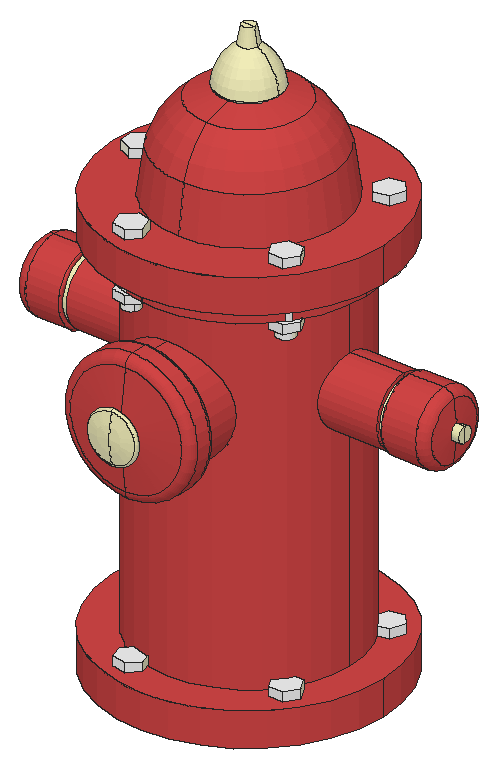
Revit family "Fire-Hydrant", category Specialty Equipment, Revit 2026
Family settings
  Round Connector Dimension = Use Diameter
  Part Type = Normal
  Classification Number = 23.65.70.17.11.11
  Work Plane-Based = No
  Enable Cutting in Views = No
  Always vertical = Yes
  Cut with Voids When Loaded = No
  Maintain Annotation Orientation = No
  Shared = No
  Room Calculation Point = No
Parameters
  piperad = Main Diameter / 2  # 0' - 4"
  Warranty Duration (Years) = 5
  Type Comments = ""
  Test Data = ""
  Specification = "http://www.arcat.com/divs/sec/sec13900.shtml"
  Sales Information = ""
  Pumper Nozzle Diameter = 0' - 4 1/2"
  Product Properties = "http://www.arcat.com/bim/bim_info.pl?fn=Fire-Hydrant"
  Product Data = "http://www.arcat.com/divs/sec/sec13900.shtml"
  Pressure (PSI) = 250
  Placement Elevation [instance] = 2' - 0"
  Model = "Generic"  # constant formula
  Manufacturer Website = "http://www.arcat.com/"
  Manufacturer Phone - Toll Free = ""
  Manufacturer Phone = "(203) 929-9444"  # constant formula
  Manufacturer Fax = "(203) 939-2444"  # constant formula
  Manufacturer Email = "bim@arcat.com"  # constant formula
  Manufacturer Address = "1077 Bridgeport Ave, Shelton, CT  06484"  # constant formula
  Manufacturer = "Generic"  # constant formula
  Maintenance Schedule (Months) = 6
  Main Diameter = 0' - 8"
  Keynote = "13900"
  Installation_Fabricaton = ""
  Installation Phase = ""
  Hose Connection Diameter = 0' - 2 1/2"
  Green Building-LEED = "http://www.arcat.com/green/green_building.shtml"
  Expected Lifespan (Years) = 30
  Drawn By = "Robert S. Weygant. CSI, CDT, SCIP"  # constant formula
  Description = "Fire  Hydrant"
  Default Elevation = 0' - 0"
  Copyright = "2008, ARCAT, Inc."  # constant formula
  Construction Details = "http://www.arcat.com/divs/sec/sec13900.shtml"
  Connection Type = "National Standard Pumper"
  Case Material = ARCAT - Metal - Cast Iron, Painted
  Building Codes = ""
  Bolt Material = ARCAT - Metal - Steel, Chrome Plated
  Assembly Code = "D4020300"
  Accent Material = ARCAT - Metal - Brass
Reference planes (in)
  plane 1 "Center (Front/Back)": y = 2.04047
  plane 2: z = 0
  plane 3 "Center (Left/Right)": x = 3.12517
  plane 4 "Connection Level": z = 24
  plane 5: y = 2.04047
  plane 6: through (1.42558, 7.27128, 72) normal (-0.9511, -0.309, 0)
  plane 7: through (1.42558, -3.19034, 72) normal (0.9511, -0.309, 0)
  plane 8: through (7.57476, -1.19235, 72) normal (0.5878, 0.809, 0)
  plane 9: through (7.57476, 5.27329, 72) normal (-0.5878, 0.809, 0)
  plane 10: through (1.40961, 7.53196, 69) normal (-0.9205, -0.3907, 0)
  plane 11: through (7.81775, 5.36903, 69) normal (-0.6561, 0.7547, 0)
  plane 12: through (-2.62768, 2.10583, 69) normal (0.0872, -0.9962, 0)
  plane 13: through (1.28527, -3.41062, 69) normal (0.9744, -0.225, 0)
  plane 14: through (7.7409, -1.39386, 69) normal (0.515, 0.8572, 0)
  plane 15: y = 2.04047
  plane 16: through (1.42558, 7.27128, 95) normal (-0.9511, -0.309, 0)
  plane 17: through (1.42558, -3.19034, 95) normal (0.9511, -0.309, 0)
  plane 18: through (7.57476, -1.19235, 95) normal (0.5878, 0.809, 0)
  plane 19: through (7.57476, 5.27329, 95) normal (-0.5878, 0.809, 0)
  plane 20: y = 2.04047
  plane 21: through (1.42558, 7.27128, 91.5) normal (-0.9511, -0.309, 0)
  plane 22: through (1.42558, -3.19034, 91.5) normal (0.9511, -0.309, 0)
  plane 23: through (7.57476, -1.19235, 91.5) normal (0.5878, 0.809, 0)
  plane 24: through (7.57476, 5.27329, 91.5) normal (-0.5878, 0.809, 0)
  plane 25: y = -8.00389
Forms (in)
  Extrusion 1, solid, material "ARCAT - Metal - Cast Iron, Painted" <- "Case Material"
    sketch origin (3.12517, 2.04047, 24) x (1, 0, 0) y (0, 1, 0)
      loop
        circle (0, 0) r 8
      loop
        circle (0, 0) r 4
    from 0 to 2
  Extrusion 2, solid, material "ARCAT - Metal - Cast Iron, Painted" <- "Case Material"
    sketch origin (3.12517, 2.04047, 24) x (1, 0, 0) y (0, 1, 0)
      loop
        circle (0, 0) r 6
      loop
        circle (0, 0) r 4
    from 2 to 22
  Extrusion 3, solid, material "ARCAT - Metal - Steel, Chrome Plated" <- "Bolt Material"
    sketch origin (3.62517, 2.04047, 24) x (1, 0, 0) y (0, 1, 0)
      loop
        line (-7.07548, 0.86273) -> (-7.78489, 0.366) -> (-7.70941, -0.49673) -> (-6.92452, -0.86273) -> (-6.21511, -0.366) -> (-6.29059, 0.49673) -> (-7.07548, 0.86273)
    from 2 to 2.5
  Extrusion 4, solid, material "ARCAT - Metal - Steel, Chrome Plated" <- "Bolt Material"
    sketch origin (3.27968, 1.56494, 24) x (0.309017, -0.951057, 0) y (0.951057, 0.309017, 0)
      loop
        line (-7.07548, 0.86273) -> (-7.78489, 0.366) -> (-7.70941, -0.49673) -> (-6.92452, -0.86273) -> (-6.21511, -0.366) -> (-6.29059, 0.49673) -> (-7.07548, 0.86273)
    from 2 to 2.5
  Extrusion 5, solid, material "ARCAT - Metal - Steel, Chrome Plated" <- "Bolt Material"
    sketch origin (3.27968, 2.51599, 24) x (0.309017, 0.951057, 0) y (-0.951057, 0.309017, 0)
      loop
        line (-7.07548, 0.86273) -> (-7.78489, 0.366) -> (-7.70941, -0.49673) -> (-6.92452, -0.86273) -> (-6.21511, -0.366) -> (-6.29059, 0.49673) -> (-7.07548, 0.86273)
    from 2 to 2.5
  Extrusion 6, solid, material "ARCAT - Metal - Steel, Chrome Plated" <- "Bolt Material"
    sketch origin (2.72066, 2.33436, 24) x (-0.809017, 0.587785, 0) y (-0.587785, -0.809017, 0)
      loop
        line (-7.07548, 0.86273) -> (-7.78489, 0.366) -> (-7.70941, -0.49673) -> (-6.92452, -0.86273) -> (-6.21511, -0.366) -> (-6.29059, 0.49673) -> (-7.07548, 0.86273)
    from 2 to 2.5
  Extrusion 7, solid, material "ARCAT - Metal - Steel, Chrome Plated" <- "Bolt Material"
    sketch origin (2.72066, 1.74657, 24) x (-0.809017, -0.587785, 0) y (0.587785, -0.809017, 0)
      loop
        line (-7.07548, 0.86273) -> (-7.78489, 0.366) -> (-7.70941, -0.49673) -> (-6.92452, -0.86273) -> (-6.21511, -0.366) -> (-6.29059, 0.49673) -> (-7.07548, 0.86273)
    from 2 to 2.5
  Extrusion 8, solid, material "ARCAT - Metal - Cast Iron, Painted" <- "Case Material"
    sketch origin (3.12517, 2.04047, 22) x (1, 0, 0) y (0, 1, 0)
      loop
        circle (0, 0) r 7
    from 24 to 25
  Extrusion 9, solid, material "ARCAT - Metal - Cast Iron, Painted" <- "Case Material"
    sketch origin (3.12517, 2.04047, 47) x (1, 0, 0) y (0, 1, 0)
      loop
        circle (0, 0) r 8
    from 0 to 2
  Extrusion 10, solid, material "ARCAT - Metal - Steel, Chrome Plated" <- "Bolt Material"
    sketch origin (3.12517, 2.04047, 21) x (1, 0, 0) y (0, 1, 0)
      loop
        circle (-2.00861, 6.18187) r 0.5
    from 24 to 28
  Extrusion 11, solid, material "ARCAT - Metal - Steel, Chrome Plated" <- "Bolt Material"
    sketch origin (3.12517, 2.04047, 21) x (0.309017, -0.951057, 0) y (0.951057, 0.309017, 0)
      loop
        circle (-2.00861, 6.18187) r 0.5
    from 24 to 28
  Extrusion 12, solid, material "ARCAT - Metal - Steel, Chrome Plated" <- "Bolt Material"
    sketch origin (3.12517, 2.04047, 21) x (0.309017, 0.951057, 0) y (-0.951057, 0.309017, 0)
      loop
        circle (-2.00861, 6.18187) r 0.5
    from 24 to 28
  Extrusion 13, solid, material "ARCAT - Metal - Steel, Chrome Plated" <- "Bolt Material"
    sketch origin (3.12517, 2.04047, 21) x (-0.809017, 0.587785, 0) y (-0.587785, -0.809017, 0)
      loop
        circle (-2.00861, 6.18187) r 0.5
    from 24 to 28
  Extrusion 14, solid, material "ARCAT - Metal - Steel, Chrome Plated" <- "Bolt Material"
    sketch origin (3.12517, 2.04047, 21) x (-0.809017, -0.587785, 0) y (0.587785, -0.809017, 0)
      loop
        circle (-2.00861, 6.18187) r 0.5
    from 24 to 28
  Extrusion 15, solid, material "ARCAT - Metal - Steel, Chrome Plated" <- "Bolt Material"
    sketch origin (3.62517, 2.04047, 47) x (1, 0, 0) y (0, 1, 0)
      loop
        line (-7.07548, 0.86273) -> (-7.78489, 0.366) -> (-7.70941, -0.49673) -> (-6.92452, -0.86273) -> (-6.21511, -0.366) -> (-6.29059, 0.49673) -> (-7.07548, 0.86273)
    from 2 to 2.5
  Extrusion 16, solid, material "ARCAT - Metal - Steel, Chrome Plated" <- "Bolt Material"
    sketch origin (3.27968, 1.56494, 47) x (0.309017, -0.951057, 0) y (0.951057, 0.309017, 0)
      loop
        line (-7.07548, 0.86273) -> (-7.78489, 0.366) -> (-7.70941, -0.49673) -> (-6.92452, -0.86273) -> (-6.21511, -0.366) -> (-6.29059, 0.49673) -> (-7.07548, 0.86273)
    from 2 to 2.5
  Extrusion 17, solid, material "ARCAT - Metal - Steel, Chrome Plated" <- "Bolt Material"
    sketch origin (3.27968, 2.51599, 47) x (0.309017, 0.951057, 0) y (-0.951057, 0.309017, 0)
      loop
        line (-7.07548, 0.86273) -> (-7.78489, 0.366) -> (-7.70941, -0.49673) -> (-6.92452, -0.86273) -> (-6.21511, -0.366) -> (-6.29059, 0.49673) -> (-7.07548, 0.86273)
    from 2 to 2.5
  Extrusion 18, solid, material "ARCAT - Metal - Steel, Chrome Plated" <- "Bolt Material"
    sketch origin (2.72066, 2.33436, 47) x (-0.809017, 0.587785, 0) y (-0.587785, -0.809017, 0)
      loop
        line (-7.07548, 0.86273) -> (-7.78489, 0.366) -> (-7.70941, -0.49673) -> (-6.92452, -0.86273) -> (-6.21511, -0.366) -> (-6.29059, 0.49673) -> (-7.07548, 0.86273)
    from 2 to 2.5
  Extrusion 19, solid, material "ARCAT - Metal - Steel, Chrome Plated" <- "Bolt Material"
    sketch origin (2.72066, 1.74657, 47) x (-0.809017, -0.587785, 0) y (0.587785, -0.809017, 0)
      loop
        line (-7.07548, 0.86273) -> (-7.78489, 0.366) -> (-7.70941, -0.49673) -> (-6.92452, -0.86273) -> (-6.21511, -0.366) -> (-6.29059, 0.49673) -> (-7.07548, 0.86273)
    from 2 to 2.5
  Extrusion 20, solid, material "ARCAT - Metal - Steel, Chrome Plated" <- "Bolt Material"
    sketch origin (3.62517, 2.04047, 43.5) x (1, 0, 0) y (0, 1, 0)
      loop
        line (-7.07548, 0.86273) -> (-7.78489, 0.366) -> (-7.70941, -0.49673) -> (-6.92452, -0.86273) -> (-6.21511, -0.366) -> (-6.29059, 0.49673) -> (-7.07548, 0.86273)
    from 2 to 2.5
  Extrusion 21, solid, material "ARCAT - Metal - Steel, Chrome Plated" <- "Bolt Material"
    sketch origin (3.27968, 1.56494, 43.5) x (0.309017, -0.951057, 0) y (0.951057, 0.309017, 0)
      loop
        line (-7.07548, 0.86273) -> (-7.78489, 0.366) -> (-7.70941, -0.49673) -> (-6.92452, -0.86273) -> (-6.21511, -0.366) -> (-6.29059, 0.49673) -> (-7.07548, 0.86273)
    from 2 to 2.5
  Extrusion 22, solid, material "ARCAT - Metal - Steel, Chrome Plated" <- "Bolt Material"
    sketch origin (3.27968, 2.51599, 43.5) x (0.309017, 0.951057, 0) y (-0.951057, 0.309017, 0)
      loop
        line (-7.07548, 0.86273) -> (-7.78489, 0.366) -> (-7.70941, -0.49673) -> (-6.92452, -0.86273) -> (-6.21511, -0.366) -> (-6.29059, 0.49673) -> (-7.07548, 0.86273)
    from 2 to 2.5
  Extrusion 23, solid, material "ARCAT - Metal - Steel, Chrome Plated" <- "Bolt Material"
    sketch origin (2.72066, 2.33436, 43.5) x (-0.809017, 0.587785, 0) y (-0.587785, -0.809017, 0)
      loop
        line (-7.07548, 0.86273) -> (-7.78489, 0.366) -> (-7.70941, -0.49673) -> (-6.92452, -0.86273) -> (-6.21511, -0.366) -> (-6.29059, 0.49673) -> (-7.07548, 0.86273)
    from 2 to 2.5
  Extrusion 24, solid, material "ARCAT - Metal - Steel, Chrome Plated" <- "Bolt Material"
    sketch origin (2.72066, 1.74657, 43.5) x (-0.809017, -0.587785, 0) y (0.587785, -0.809017, 0)
      loop
        line (-7.07548, 0.86273) -> (-7.78489, 0.366) -> (-7.70941, -0.49673) -> (-6.92452, -0.86273) -> (-6.21511, -0.366) -> (-6.29059, 0.49673) -> (-7.07548, 0.86273)
    from 2 to 2.5
  Revolve 25, solid, material "ARCAT - Metal - Cast Iron, Painted" <- "Case Material"
    sketch origin (3.12517, 2.04047, 24) x (0, 1, 0) y (0, 0, 1)
      loop
        line (0, 25) -> (5.2168, 25) -> (4.84483, 27.64672)
        arc (4.84483, 27.64672) -> (4.1694, 29.00494) -> (3.1241, 30.10418) r 5.0959
        line (3.1241, 30.10418) -> (0, 31) -> (0, 25)
      axis (0, 25) -> (0, 31)
    angle from 0 to 360
  Revolve 26, solid, material "ARCAT - Metal - Brass" <- "Accent Material"
    sketch origin (3.12517, 2.04047, 24) x (1, 0, 0) y (0, 0, 1)
      loop
        line (0, 31.75) -> (0, 33.96137) -> (-0.36809, 33.96137) -> (-0.54173, 32.97656)
        arc (-0.54173, 32.97656) -> (-1.4087, 32.03373) -> (-1.79173, 30.8115) r 2.93584
        arc (-1.79173, 30.8115) -> (-1.54173, 30.67284) -> (-1.29173, 30.8115) r 0.29471
        arc (-1.29173, 30.8115) -> (-0.7372, 31.40646) -> (0, 31.75) r 2.12858
      axis (0, 30.8115) -> (0, 33.96137)
    angle from 0 to 360
  Revolve 27, solid, material "ARCAT - Metal - Cast Iron, Painted" <- "Case Material"
    sketch origin (3.12517, 2.04047, 24) x (1, 0, 0) y (0, 0, 1)
      loop
        line (5.43947, 16.65665) -> (5.43947, 14.65665) -> (9.18947, 14.65665) -> (9.18947, 16.65665) -> (5.43947, 16.65665)
      axis (5.43947, 16.65665) -> (9.18947, 16.65665)
    angle from 0 to 360
  Revolve 28, solid, material "ARCAT - Metal - Brass" <- "Accent Material"
    sketch origin (3.12517, 2.04047, 24) x (1, 0, 0) y (0, 0, 1)
      loop
        line (9.18947, 16.65665) -> (9.68947, 16.65665) -> (9.68947, 18.49259) -> (9.18947, 18.49259) -> (9.18947, 16.65665)
      axis (9.68947, 16.65665) -> (9.18947, 16.65665)
    angle from 0 to 360
  Revolve 29, solid, material "ARCAT - Metal - Cast Iron, Painted" <- "Case Material"
    sketch origin (3.12517, 2.04047, 24) x (1, 0, 0) y (0, 0, 1)
      loop
        line (9.68947, 16.65665) -> (9.68947, 14.78166) -> (9.56258, 14.74766)
        arc (9.56258, 14.74766) -> (9.48355, 14.64466) -> (9.56258, 14.54167) r 0.10663
        line (9.56258, 14.54167) -> (11.56258, 14.54167)
        arc (11.56258, 14.54167) -> (11.93758, 14.65991) -> (12.17695, 14.97185) r 0.65379
        line (12.17695, 14.97185) -> (12.30761, 16.215) -> (12.80761, 16.215) -> (12.80761, 16.65665) -> (9.68947, 16.65665)
      axis (12.80761, 16.65665) -> (9.56258, 16.65665)
    angle from 0 to 360
  Revolve 30, solid, material "ARCAT - Metal - Cast Iron, Painted" <- "Case Material"
    sketch origin (3.12517, 2.04047, 24) x (-1, 0, 0) y (0, 0, 1)
      loop
        line (5.43947, 16.65665) -> (5.43947, 14.65665) -> (9.18947, 14.65665) -> (9.18947, 16.65665) -> (5.43947, 16.65665)
      axis (5.43947, 16.65665) -> (9.18947, 16.65665)
    angle from 0 to 360
  Revolve 31, solid, material "ARCAT - Metal - Brass" <- "Accent Material"
    sketch origin (3.12517, 2.04047, 24) x (-1, 0, 0) y (0, 0, 1)
      loop
        line (9.18947, 16.65665) -> (9.68947, 16.65665) -> (9.68947, 18.49259) -> (9.18947, 18.49259) -> (9.18947, 16.65665)
      axis (9.68947, 16.65665) -> (9.18947, 16.65665)
    angle from 0 to 360
  Revolve 32, solid, material "ARCAT - Metal - Cast Iron, Painted" <- "Case Material"
    sketch origin (3.12517, 2.04047, 24) x (-1, 0, 0) y (0, 0, 1)
      loop
        line (9.68947, 16.65665) -> (9.68947, 14.78166) -> (9.56258, 14.74766)
        arc (9.56258, 14.74766) -> (9.48355, 14.64466) -> (9.56258, 14.54167) r 0.10663
        line (9.56258, 14.54167) -> (11.56258, 14.54167)
        arc (11.56258, 14.54167) -> (11.93758, 14.65991) -> (12.17695, 14.97185) r 0.65379
        line (12.17695, 14.97185) -> (12.30761, 16.215) -> (12.80761, 16.215) -> (12.80761, 16.65665) -> (9.68947, 16.65665)
      axis (12.80761, 16.65665) -> (9.56258, 16.65665)
    angle from 0 to 360
  Revolve 33, solid, material "ARCAT - Metal - Cast Iron, Painted" <- "Case Material"
    sketch origin (3.12517, 2.04047, 24) x (0, 1, 0) y (0, 0, 1)
      loop
        line (-3.07005, 16.52619) -> (-3.07005, 19.77619) -> (-8.07005, 19.77619) -> (-8.07005, 16.52619) -> (-3.07005, 16.52619)
      axis (-8.07005, 16.52619) -> (-3.07005, 16.52619)
    angle from 0 to 360
  Revolve 34, solid, material "ARCAT - Metal - Cast Iron, Painted" <- "Case Material"
    sketch origin (3.12517, 2.04047, 24) x (0, 1, 0) y (0, 0, 1)
      loop
        arc (-7.65092, 19.93758) -> (-7.48217, 20.10633) -> (-7.65092, 20.27508) r 0.16875
        line (-7.65092, 20.27508) -> (-8.58635, 20.27508)
        arc (-8.58635, 20.27508) -> (-8.96135, 20.11975) -> (-9.11668, 19.74475) r 0.53033
        arc (-9.11668, 19.74475) -> (-9.32325, 18.38478) -> (-9.45182, 17.01524) r 24.07637
        arc (-9.45182, 17.01524) -> (-9.60151, 16.90505) -> (-9.7512, 17.01524) r 0.15677
        arc (-9.7512, 17.01524) -> (-9.82171, 17.42552) -> (-9.91936, 17.83019) r 6.25202
        arc (-9.91936, 17.83019) -> (-10.04436, 17.92528) -> (-10.16936, 17.83019) r 0.1297
        arc (-10.16936, 17.83019) -> (-10.31903, 17.14012) -> (-10.38993, 16.43758) r 6.25202
        line (-10.38993, 16.43758) -> (-8.28662, 16.43758) -> (-8.28662, 19.93758) -> (-7.65092, 19.93758)
      axis (-10.38993, 16.43758) -> (-7.65092, 16.43758)
    angle from 0 to 360
Lines and regions (in)
  model lines, style "Plumbing - CW Supply"
    curve 1: line (3.12517, 6.04047, 24) -> (3.12517, -1.95953, 24)
    curve 2: line (-0.87483, 2.04047, 24) -> (7.12517, 2.04047, 24)
  model lines, style "Plumbing - CW Supply", not visible
    curve 3: line (3.12517, 6.04047, 24) -> (3.12517, -1.95953, 24)
    curve 4: line (-0.87483, 2.04047, 24) -> (7.12517, 2.04047, 24)
Dimensions and locks (in)
  "Placement Elevation": plane 4 "Connection Level" to level
  "Main Diameter": curve 2 to curve 2
  "Main Diameter": curve 1 to curve 1
  "piperad": radius of Extrusion 2 sketch curve
  "piperad": radius of Extrusion 1 sketch curve
Automatic sketch dimensions
  Extrusion 8 sketch curve to plane 3 "Center (Left/Right)" = 0' - 0"
  plane 1 "Center (Front/Back)" to Extrusion 8 sketch curve = 0' - 0"
  Extrusion 9 sketch curve to plane 3 "Center (Left/Right)" = 0' - 0"
  plane 1 "Center (Front/Back)" to Extrusion 9 sketch curve = 0' - 0"
  plane 1 "Center (Front/Back)" to Revolve 25 sketch curve = 0' - 0.00492"
  plane 1 "Center (Front/Back)" to Revolve 25 sketch curve = 0' - 0"
  Revolve 25 sketch curve to Revolve 25 sketch curve = 0' - 0"  (x2)
  Revolve 25 sketch curve to plane 1 "Center (Front/Back)" = 0' - 3.1241"
  Revolve 25 sketch curve to plane 1 "Center (Front/Back)" = 0' - 4.84483"
  Revolve 25 sketch curve to Revolve 25 sketch curve = 0' - 0.37197"
  plane 4 "Connection Level" to Revolve 25 sketch curve = 2' - 1"
  Revolve 25 sketch curve to Revolve 25 sketch curve = 0' - 1.08205"
  Revolve 25 sketch curve to Revolve 25 sketch curve = 0' - 0.79249"
  Revolve 25 sketch curve to Revolve 25 sketch curve = 0' - 2.64672"
  Revolve 25 sketch curve to Revolve 25 sketch curve = 0' - 0.89582"
  Revolve 26 sketch curve to plane 3 "Center (Left/Right)" = 0' - 1.79173"
  Revolve 26 sketch curve to Revolve 26 sketch curve = 0' - 0 1/4"  (x2)
  Revolve 26 sketch curve to Revolve 26 sketch curve = 0' - 0"  (x3)
  Revolve 26 sketch curve to Revolve 26 sketch curve = 0' - 1"
  Revolve 26 sketch curve to Revolve 26 sketch curve = 0' - 0.17365"
  Revolve 26 sketch curve to Revolve 26 sketch curve = 0' - 0.54173"
  Revolve 26 sketch curve to Revolve 26 sketch curve = 0' - 1.80568"
  Revolve 26 sketch curve to Revolve 26 sketch curve = 0' - 0.61986"
  plane 4 "Connection Level" to Revolve 26 sketch curve = 2' - 5.6844"
  Revolve 26 sketch curve to Revolve 26 sketch curve = 0' - 0.88141"
  Revolve 26 sketch curve to Revolve 26 sketch curve = 0' - 1.1271"
  Revolve 26 sketch curve to Revolve 26 sketch curve = 0' - 0 99/128"
  Revolve 26 sketch curve to Revolve 26 sketch curve = 0' - 0.21137"
  plane 3 "Center (Left/Right)" to Revolve 27 sketch curve = 0' - 5.43947"
  Revolve 27 sketch curve to Revolve 27 sketch curve = 0' - 0"  (x3)
  Revolve 27 sketch curve to Revolve 27 sketch curve = 0' - 3 3/4"
  plane 4 "Connection Level" to Revolve 27 sketch curve = 1' - 2.65665"
  Revolve 27 sketch curve to Revolve 27 sketch curve = 0' - 2"
  plane 3 "Center (Left/Right)" to Revolve 28 sketch curve = 0' - 9.18947"
  Revolve 28 sketch curve to Revolve 28 sketch curve = 0' - 0"  (x3)
  Revolve 28 sketch curve to Revolve 28 sketch curve = 0' - 0 1/2"
  plane 4 "Connection Level" to Revolve 28 sketch curve = 1' - 4.65665"
  Revolve 28 sketch curve to Revolve 28 sketch curve = 0' - 1 107/128"
  plane 3 "Center (Left/Right)" to Revolve 29 sketch curve = 0' - 9.56258"
  Revolve 29 sketch curve to Revolve 29 sketch curve = 0' - 0"  (x3)
  Revolve 29 sketch curve to Revolve 29 sketch curve = 0' - 0.0276"
  Revolve 29 sketch curve to Revolve 29 sketch curve = 0' - 0.12689"
  Revolve 29 sketch curve to Revolve 29 sketch curve = 0' - 0.11813"
  Revolve 29 sketch curve to Revolve 29 sketch curve = 0' - 1.87311"
  Revolve 29 sketch curve to Revolve 29 sketch curve = 0' - 0.61436"
  Revolve 29 sketch curve to Revolve 29 sketch curve = 0' - 0.13066"
  Revolve 29 sketch curve to Revolve 29 sketch curve = 0' - 0 1/2"
  plane 4 "Connection Level" to Revolve 29 sketch curve = 1' - 2.54167"
  Revolve 29 sketch curve to Revolve 29 sketch curve = 0' - 0.10299"
  Revolve 29 sketch curve to Revolve 29 sketch curve = 0' - 0.034"
  Revolve 29 sketch curve to Revolve 29 sketch curve = 0' - 0.43018"
  Revolve 29 sketch curve to Revolve 29 sketch curve = 0' - 1.24315"
  Revolve 29 sketch curve to Revolve 29 sketch curve = 0' - 1 7/8"
  plane 3 "Center (Left/Right)" to Revolve 30 sketch curve = 0' - 5.43947"
  Revolve 30 sketch curve to Revolve 30 sketch curve = 0' - 0"  (x3)
  Revolve 30 sketch curve to Revolve 30 sketch curve = 0' - 3 3/4"
  Revolve 30 sketch curve to plane 4 "Connection Level" = 1' - 2.65665"
  Revolve 30 sketch curve to Revolve 30 sketch curve = 0' - 2"
  Revolve 31 sketch curve to plane 4 "Connection Level" = 1' - 4.65665"
  plane 3 "Center (Left/Right)" to Revolve 31 sketch curve = 0' - 9.18947"
  Revolve 31 sketch curve to Revolve 31 sketch curve = 0' - 0"  (x3)
  Revolve 31 sketch curve to Revolve 31 sketch curve = 0' - 0 1/2"
  Revolve 31 sketch curve to Revolve 31 sketch curve = 0' - 1 107/128"
  Revolve 32 sketch curve to plane 4 "Connection Level" = 1' - 2.54167"
  plane 3 "Center (Left/Right)" to Revolve 32 sketch curve = 0' - 9.56258"
  Revolve 32 sketch curve to plane 4 "Connection Level" = 1' - 2.74766"
  Revolve 32 sketch curve to Revolve 32 sketch curve = 0' - 0"  (x3)
  Revolve 32 sketch curve to Revolve 32 sketch curve = 0' - 0.0276"
  Revolve 32 sketch curve to Revolve 32 sketch curve = 0' - 0.12689"
  Revolve 32 sketch curve to Revolve 32 sketch curve = 0' - 0.11813"
  Revolve 32 sketch curve to Revolve 32 sketch curve = 0' - 1.87311"
  Revolve 32 sketch curve to plane 4 "Connection Level" = 1' - 2.97185"
  Revolve 32 sketch curve to Revolve 32 sketch curve = 0' - 0.61436"
  Revolve 32 sketch curve to Revolve 32 sketch curve = 0' - 0.13066"
  Revolve 32 sketch curve to Revolve 32 sketch curve = 0' - 0 1/2"
  Revolve 32 sketch curve to Revolve 32 sketch curve = 0' - 0.034"
  Revolve 32 sketch curve to Revolve 32 sketch curve = 0' - 1.24315"
  Revolve 32 sketch curve to Revolve 32 sketch curve = 0' - 1 7/8"
  plane 4 "Connection Level" to Revolve 33 sketch curve = 1' - 4.52619"
  plane 1 "Center (Front/Back)" to Revolve 33 sketch curve = 0' - 8.07005"
  Revolve 33 sketch curve to Revolve 33 sketch curve = 0' - 0"  (x3)
  plane 4 "Connection Level" to Revolve 33 sketch curve = 1' - 7.77619"
  Revolve 33 sketch curve to Revolve 33 sketch curve = 0' - 5"
  Revolve 34 sketch curve to plane 25 = 0' - 0"
  plane 25 to Revolve 34 sketch curve = 0' - 0 1/8"
  Revolve 34 sketch curve to Revolve 34 sketch curve = 0' - 0"  (x4)
  plane 25 to Revolve 34 sketch curve = 0' - 0.34557"
  Revolve 34 sketch curve to Revolve 34 sketch curve = 0' - 5.55482"
  Revolve 34 sketch curve to plane 25 = 0' - 0 1/8"
  Revolve 34 sketch curve to plane 25 = 0' - 0.29316"
  Revolve 34 sketch curve to Revolve 34 sketch curve = 0' - 0.14969"  (x2)
  Revolve 34 sketch curve to plane 25 = 0' - 0.92768"
  Revolve 34 sketch curve to Revolve 34 sketch curve = 0' - 0.53033"
  Revolve 34 sketch curve to Revolve 34 sketch curve = 0' - 1.1652"
  Revolve 34 sketch curve to Revolve 34 sketch curve = 0' - 0.29973"
  Revolve 34 sketch curve to Revolve 34 sketch curve = 0' - 0.6357"
  Revolve 34 sketch curve to Revolve 34 sketch curve = 0' - 4.14264"
  plane 4 "Connection Level" to Revolve 34 sketch curve = 1' - 3.45061"
  Revolve 34 sketch curve to plane 1 "Center (Front/Back)" = 1' - 2.57366"
  plane 4 "Connection Level" to Revolve 34 sketch curve = 1' - 4.16209"
  Revolve 34 sketch curve to Revolve 34 sketch curve = 0' - 0.27549"
  Revolve 34 sketch curve to Revolve 34 sketch curve = 0' - 0.04658"
  Revolve 34 sketch curve to Revolve 34 sketch curve = 0' - 0.19284"
  Extrusion 2 sketch curve to Extrusion 2 sketch curve = 0' - 0"  (x2)
  Extrusion 2 sketch curve to plane 1 "Center (Front/Back)" = 0' - 0"
  Extrusion 2 sketch curve to plane 3 "Center (Left/Right)" = 0' - 0"
  Extrusion 1 sketch curve to Extrusion 1 sketch curve = 0' - 0"  (x2)
  Extrusion 1 sketch curve to plane 1 "Center (Front/Back)" = 0' - 0"
  Extrusion 1 sketch curve to plane 3 "Center (Left/Right)" = 0' - 0"
  radius of Extrusion 8 sketch curve = 0' - 7"
  radius of Extrusion 9 sketch curve = 0' - 8"
  radius of Extrusion 2 sketch curve = 0' - 6"
  radius of Extrusion 1 sketch curve = 0' - 8"
